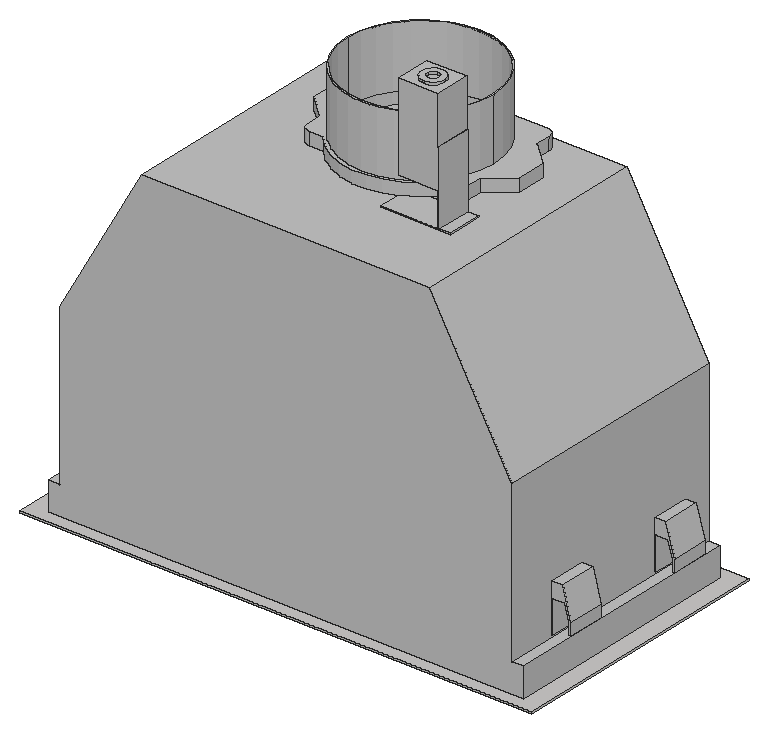
Revit family "FP_Revit_18_HP24ILTX1_Rangehood_90000954A", category Specialty Equipment, Revit 2018
Family settings
  Round Connector Dimension = Use Diameter
  Part Type = Normal
  OmniClass Number = 23.40.40.00
  OmniClass Title = Food Service Equipment and Furnishings
  Work Plane-Based = No
  Always vertical = Yes
  Cut with Voids When Loaded = Yes
  Shared = No
  Room Calculation Point = No
Parameters
  Visibility - Clearance Required = yes
  URL = "www.fisherpaykel.com"
  Product - Width = 530 mm  # constant formula
  Product - Height = 477 mm  # constant formula
  Product - Depth = 280 mm  # constant formula
  Model = "HP24ILTX1"
  Material - Trim = Fisher & Paykel - Stainless Steel
  Material - Glass = Fisher & Paykel - White Bezel
  Material - Body = Fisher & Paykel - Grey
  Manufacturer = "Fisher & Paykel Appliances"
  Keynote = ""
  FFL Offset [instance] = 1565 mm
  Description = "24\" Insert Rangehood"
  Connector Description - Extraction = "Use rigid or semi-rigid ducting 6\" (152mm) diameter, 600 CFM"
  Connector Description - Electrical = "120 V, 60Hz"
  Chassis - Width = 492 mm  # constant formula
  Chassis - Height = 347 mm  # constant formula
  Chassis - Depth = 255 mm  # constant formula
  Cavity - Width = 500 mm  # constant formula
  Cavity - Height = 500 mm  # constant formula
  Cavity - Depth = 260 mm  # constant formula
Reference planes
  plane 1 "Center (Front/Back)": y = 0
  plane 2: z = 0
  plane 3 "Center (Left/Right)": x = 0
  plane 4 "Product - LHS": x = -265
  plane 5 "Product - RHS": x = 265
  plane 6 "Product - Rear": y = 140
  plane 7 "Cavity - Rear": y = 130
  plane 8 "Chassis - LHS": x = -246
  plane 9 "Chassis - RHS": x = 246
  plane 10 "Product - Front": y = -140
  plane 11 "Cavity - Front": y = -130
  plane 12 "Cavity - RHS": x = 250
  plane 13 "Cavity - LHS": x = -250
  plane 14 "Chassis - Rear": y = 127.5
  plane 15 "Chassis - Front": y = -127.5
  plane 16 "Product - Height": z = 2040
  plane 17 "FFL Offset": z = 1565
Forms (mm)
  Extrusion 1, solid, material "Fisher & Paykel - Grey" <- "Material - Body"
    sketch origin (0, -130, -100) x (-1, 0, 0) y (0, 0, 1)
      loop
        line (-234, 1695) -> (-246, 1695) -> (-246, 1665) -> (246, 1665) -> (246, 1695) -> (234, 1695) -> (234, 1859.558) -> (149.5, 2012) -> (-149.5, 2012) -> (-234, 1859.558) -> (-234, 1695)
    from 2.5 to 257.5
  Extrusion 2, void
    sketch origin (0, 0, 0) x (0, 1, 0) y (0, 0, 1)
      loop
        line (-67, 1565) -> (125, 1565) -> (125, 1583) -> (117, 1583) -> (117, 1593) -> (-67, 1593) -> (-67, 1565)
    from -245 to 245
  Extrusion 3, solid, material "Fisher & Paykel - Stainless Steel" <- "Material - Trim"
    sketch origin (0, 0, 0) x (1, 0, 0) y (0, 1, 0)
      loop
        line (-265, -140) -> (265, -140) -> (265, 140) -> (-265, 140) -> (-265, -140)
      loop
        line (-245, -67) -> (245, -67) -> (245, 125) -> (-245, 125) -> (-245, -67)
      loop
        line (-145.5, -125) -> (145.5, -125) -> (145.5, -87) -> (-145.5, -87) -> (-145.5, -125)
      loop
        circle (-187.5, -100) r 25
      loop
        circle (187.5, -100) r 25
    from 1563 to 1565
  Extrusion 4, solid, material "Fisher & Paykel - Stainless Steel" <- "Material - Trim", detail levels fine
    sketch origin (0, 0, 0) x (1, 0, 0) y (0, 1, 0)
      loop
        line (-227, -50.05) -> (227, -50.05) -> (227, 106.95) -> (-227, 106.95) -> (-227, -50.05)
    from 1563 to 1566
  Extrusion 5, solid, material "Fisher & Paykel - Grey" <- "Material - Body", detail levels medium+fine
    sketch origin (0, 0, 1565) x (1, 0, 0) y (0, 0, 1)
      loop
        line (248.5, 67) -> (253, 51) -> (253, 39) -> (255, 39) -> (255, 51) -> (246, 83) -> (234, 83) -> (234, 33) -> (236, 33) -> (236, 67) -> (248.5, 67)
      loop
        line (-248.5, 67) -> (-236, 67) -> (-236, 33) -> (-234, 33) -> (-234, 83) -> (-246, 83) -> (-255, 51) -> (-255, 39) -> (-253, 39) -> (-253, 51) -> (-248.5, 67)
    from 38 to 77
  Extrusion 6, solid, material "Fisher & Paykel - Grey"
    sketch origin (0, 0, 0) x (1, 0, 0) y (0, 1, 0)
      loop
        circle (0.002, 47) r 76
      loop
        circle (0.002, 47) r 75
    from 1925 to 1989
  Extrusion 7, solid, material "Fisher & Paykel - Clearance Required", visible <- "Visibility - Clearance Required", detail levels coarse
    sketch origin (0, 0, 0) x (1, 0, 0) y (0, 1, 0)
      loop
        line (-250, 130) -> (-250, -130) -> (250, -130) -> (250, 130) -> (-250, 130)
    from 1565 to 2065
  Extrusion 8, solid, material "Fisher & Paykel - Clearance Required", visible <- "Visibility - Clearance Required", detail levels coarse
    sketch origin (0, 0, 0) x (1, 0, 0) y (0, 1, 0)
      loop
        circle (0.002, 47) r 80
    from 2065 to 2165
  Extrusion 9, solid, material "Fisher & Paykel - Grey" <- "Material - Body", detail levels medium+fine
    sketch origin (0, 0, 1565) x (1, 0, 0) y (0, 0, -1)
      loop
        line (248.5, -67) -> (236, -67) -> (236, -33) -> (234, -33) -> (234, -83) -> (246, -83) -> (255, -51) -> (255, -39) -> (253, -39) -> (253, -51) -> (248.5, -67)
      loop
        line (-248.5, -67) -> (-253, -51) -> (-253, -39) -> (-255, -39) -> (-255, -51) -> (-246, -83) -> (-234, -83) -> (-234, -33) -> (-236, -33) -> (-236, -67) -> (-248.5, -67)
    from 57 to 96
  Extrusion 10, void
    sketch origin (0, 0, 0) x (0, 1, 0) y (0, 0, 1)
      loop
        line (-125, 1563) -> (-87, 1563) -> (-87, 1565) -> (-112, 1584) -> (-125, 1579) -> (-125, 1563)
    from -145.5 to 145.5
  Extrusion 11, solid, material "Fisher & Paykel - Grey" <- "Material - Body", detail levels fine
    sketch origin (0, -31.853, 1523.088) x (0, -0.796162, 0.605083) y (1, 0, 0)
      loop
        line (89.266, -59) -> (89.266, -41.5) -> (79.266, -41.5) -> (79.266, -59) -> (89.266, -59)
      loop
        line (89.266, -41) -> (89.266, -23.5) -> (79.266, -23.5) -> (79.266, -41) -> (89.266, -41)
      loop
        line (89.266, -23) -> (89.266, -5.5) -> (79.266, -5.5) -> (79.266, -23) -> (89.266, -23)
      loop
        line (89.266, -5) -> (89.266, 5) -> (79.266, 5) -> (79.266, -5) -> (89.266, -5)
      loop
        line (89.266, 5.5) -> (89.266, 23) -> (79.266, 23) -> (79.266, 5.5) -> (89.266, 5.5)
      loop
        line (89.266, 23.5) -> (89.266, 41) -> (79.266, 41) -> (79.266, 23.5) -> (89.266, 23.5)
      loop
        line (89.266, 41.5) -> (89.266, 59) -> (79.266, 59) -> (79.266, 41.5) -> (89.266, 41.5)
    from -1 to 0
  Extrusion 12, solid, material "Fisher & Paykel - Grey" <- "Material - Body"
    sketch origin (0, 0, 0) x (1, 0, 0) y (0, 0, 1)
      loop
        line (94.343, 1913) -> (35.343, 1913) -> (35.343, 1912) -> (107, 1912) -> (107, 1913) -> (95.343, 1913) -> (95.343, 1989) -> (94.343, 1989) -> (94.343, 2038) -> (53.343, 2038) -> (53.343, 1948) -> (94.343, 1948) -> (94.343, 1913)
    from 11.229 to 48.229
  Extrusion 13, solid, material "Fisher & Paykel - Grey", detail levels fine
    sketch origin (0, 0, 0) x (1, 0, 0) y (0, 1, 0)
      loop
        circle (74.343, -29.729) r 12
      loop
        circle (74.343, -29.729) r 6
    from 2038 to 2040
  Extrusion 14, solid, material "Fisher & Paykel - Grey" <- "Material - Body", detail levels medium+fine
    sketch origin (0, 0, 0) x (1, 0, 0) y (0, 1, 0)
      loop
        arc (-73, 119.5) -> (-80.071, 116.571) -> (-83, 109.5) r 10
        line (-83, 109.5) -> (-83, 93.61) -> (-107, 72) -> (-107, 42) -> (-83, 20.39) -> (-83, 4.5)
        arc (-83, 4.5) -> (-80.071, -2.571) -> (-73, -5.5) r 10
        line (-73, -5.5) -> (-59.699, -5.5)
        arc (-59.699, -5.5) -> (0, -32.5) -> (59.699, -5.5) r 79.5
        line (59.699, -5.5) -> (73, -5.5)
        arc (73, -5.5) -> (80.071, -2.571) -> (83, 4.5) r 10
        line (83, 4.5) -> (83, 20.39) -> (107, 42) -> (107, 72) -> (83, 93.61) -> (83, 109.5)
        arc (83, 109.5) -> (80.071, 116.571) -> (73, 119.5) r 10
        line (73, 119.5) -> (32.619, 119.5)
        arc (32.619, 119.5) -> (0, 126.5) -> (-32.619, 119.5) r 79.5
        line (-32.619, 119.5) -> (-73, 119.5)
      loop
        circle (0, 47) r 76
    from 1912 to 1925
  Extrusion 15, solid, material "Fisher & Paykel - White Bezel" <- "Material - Glass", detail levels fine
    sketch origin (0, 0, 0) x (1, 0, 0) y (0, 1, 0)
      loop
        circle (-187.5, -100) r 22
      loop
        circle (187.5, -100) r 22
    from 1563 to 1566
  Extrusion 16, void
    sketch origin (0, 0, 0) x (1, 0, 0) y (0, 1, 0)
      loop
        line (-250, 130) -> (-250, -130) -> (250, -130) -> (250, 130) -> (-250, 130)
    from 1565 to 2065
  Extrusion 17, void
    sketch origin (0, 0, 0) x (1, 0, 0) y (0, 1, 0)
      loop
        circle (0.002, 47) r 80
    from 2065 to 2115
  Extrusion 18, solid, material "Fisher & Paykel - Grey" <- "Material - Body", not visible, detail levels medium+fine
    sketch origin (0, 0, 0) x (1, 0, 0) y (0, 0, 1)
      loop
        line (248.5, 67) -> (253, 51) -> (253, 39) -> (255, 39) -> (255, 51) -> (246, 83) -> (234, 83) -> (234, 33) -> (236, 33) -> (236, 67) -> (248.5, 67)
      loop
        line (-248.5, 67) -> (-236, 67) -> (-236, 33) -> (-234, 33) -> (-234, 83) -> (-246, 83) -> (-255, 51) -> (-255, 39) -> (-253, 39) -> (-253, 51) -> (-248.5, 67)
    from 38 to 77
  Extrusion 19, solid, material "Fisher & Paykel - Grey" <- "Material - Body", not visible, detail levels medium+fine
    sketch origin (0, 0, 0) x (1, 0, 0) y (0, 0, -1)
      loop
        line (248.5, -67) -> (236, -67) -> (236, -33) -> (234, -33) -> (234, -83) -> (246, -83) -> (255, -51) -> (255, -39) -> (253, -39) -> (253, -51) -> (248.5, -67)
      loop
        line (-248.5, -67) -> (-253, -51) -> (-253, -39) -> (-255, -39) -> (-255, -51) -> (-246, -83) -> (-234, -83) -> (-234, -33) -> (-236, -33) -> (-236, -67) -> (-248.5, -67)
    from 57 to 96
  Extrusion 20, solid, material "Fisher & Paykel - Grey" <- "Material - Body", not visible, detail levels fine
    sketch origin (0, -31.853, -41.912) x (0, -0.796162, 0.605083) y (1, 0, 0)
      loop
        line (89.266, -59) -> (89.266, -41.5) -> (79.266, -41.5) -> (79.266, -59) -> (89.266, -59)
      loop
        line (89.266, -41) -> (89.266, -23.5) -> (79.266, -23.5) -> (79.266, -41) -> (89.266, -41)
      loop
        line (89.266, -23) -> (89.266, -5.5) -> (79.266, -5.5) -> (79.266, -23) -> (89.266, -23)
      loop
        line (89.266, -5) -> (89.266, 5) -> (79.266, 5) -> (79.266, -5) -> (89.266, -5)
      loop
        line (89.266, 5.5) -> (89.266, 23) -> (79.266, 23) -> (79.266, 5.5) -> (89.266, 5.5)
      loop
        line (89.266, 23.5) -> (89.266, 41) -> (79.266, 41) -> (79.266, 23.5) -> (89.266, 23.5)
      loop
        line (89.266, 41.5) -> (89.266, 59) -> (79.266, 59) -> (79.266, 41.5) -> (89.266, 41.5)
    from -1 to 0
Cuts and joins
  Extrusion 2, Extrusion 10 cuts Extrusion 1
  Extrusion 10 cuts Extrusion 3
Text (mm)
  text "Due to ongoing product development, product details are subject to change without notice. \nPlease always refer to www.fisherpaykel.com for the most current product information. \n© Fisher & Paykel 2020" at (41.04, -1044.323, 0), in view "Ref. Level (Plan)"
Dimensions and locks
  equal spacing: plane 4 "Product - LHS", plane 3 "Center (Left/Right)", plane 5 "Product - RHS"
  equal spacing: plane 8 "Chassis - LHS", plane 3 "Center (Left/Right)", plane 9 "Chassis - RHS"
  "Chassis - Width": plane 8 "Chassis - LHS" to plane 9 "Chassis - RHS"
  equal spacing: plane 11 "Cavity - Front", plane 1 "Center (Front/Back)", plane 7 "Cavity - Rear"
  equal spacing: plane 6 "Product - Rear", plane 1 "Center (Front/Back)", plane 10 "Product - Front"
  "Cavity - Depth": plane 11 "Cavity - Front" to plane 7 "Cavity - Rear"
  "Product - Depth": plane 6 "Product - Rear" to plane 10 "Product - Front"
  "Product - Width": plane 4 "Product - LHS" to plane 5 "Product - RHS"
  equal spacing: plane 13 "Cavity - LHS", plane 3 "Center (Left/Right)", plane 12 "Cavity - RHS"
  plane 13 "Cavity - LHS" to plane 12 "Cavity - RHS" = 500 mm
  "Cavity - Width": plane 13 "Cavity - LHS" to plane 12 "Cavity - RHS"
  Extrusion 8 to Extrusion 7 = 100 mm
  equal spacing: plane 15 "Chassis - Front", plane 1 "Center (Front/Back)", plane 14 "Chassis - Rear"
  "Chassis - Depth": plane 15 "Chassis - Front" to plane 14 "Chassis - Rear"
  "FFL Offset": plane 17 "FFL Offset" to level
  plane 3 "Center (Left/Right)" to Extrusion 1 = 234 mm
  locked: Extrusion 10 sketch curve to plane 17 "FFL Offset" at 19
  locked: Extrusion 10 sketch curve to plane 17 "FFL Offset" at 14
  locked: Extrusion 2 sketch curve to plane 17 "FFL Offset" at 18
  locked: cut or joined group of Extrusion 1, Extrusion 2, Extrusion 10 to plane 17 "FFL Offset" at 28
  locked: plane 17 "FFL Offset" to cut or joined group of Extrusion 3, Extrusion 10 at 2
  locked: Extrusion 4 to plane 17 "FFL Offset" at 1
  locked: Extrusion 14 to plane 17 "FFL Offset" at 360  (x2)
  locked: Extrusion 8 to plane 17 "FFL Offset" at 600
  locked: Extrusion 12 sketch curve to plane 17 "FFL Offset" at 473
  locked: Extrusion 12 sketch curve to plane 17 "FFL Offset" at 383
  locked: Extrusion 12 sketch curve to plane 17 "FFL Offset" at 348
  locked: Extrusion 6 to plane 17 "FFL Offset" at 424
  "Chassis - Height": cut or joined group of Extrusion 1, Extrusion 2, Extrusion 10 to plane 17 "FFL Offset"
  "Cavity - Height": Extrusion 16 to plane 17 "FFL Offset"
  locked: cut or joined group of Extrusion 1, Extrusion 2, Extrusion 10 to plane 17 "FFL Offset" at 30
  locked: plane 17 "FFL Offset" to Extrusion 1 sketch curve at 194.558  (x2)
  locked: Extrusion 5 to plane 17 "FFL Offset" at 83
  locked: plane 17 "FFL Offset" to plane 16 "Product - Height" at 475
  locked: Extrusion 12 to plane 16 "Product - Height" at 2
  cut or joined group of Extrusion 3, Extrusion 10 to plane 16 "Product - Height" = 477 mm
  locked: Extrusion 17 to plane 17 "FFL Offset" at 550
  aligned and locked: level to plane 2
  aligned and locked: plane 7 "Cavity - Rear" to Extrusion 7 sketch curve
  aligned and locked: Extrusion 7 sketch curve to plane 13 "Cavity - LHS"
  aligned and locked: plane 11 "Cavity - Front" to Extrusion 7 sketch curve
  aligned and locked: Extrusion 7 sketch curve to plane 12 "Cavity - RHS"
  aligned and locked: Extrusion 8 to Extrusion 7
  aligned and locked: Extrusion 1 to plane 15 "Chassis - Front"
  aligned and locked: Extrusion 1 to plane 14 "Chassis - Rear"
  aligned and locked: Extrusion 17 to Extrusion 16
  aligned and locked: Extrusion 1 to plane 17 "FFL Offset"
  aligned and locked: Extrusion 1 to Extrusion 2
  aligned and locked: Extrusion 10 sketch curve to cut or joined group of Extrusion 3, Extrusion 10
  aligned and locked: cut or joined group of Extrusion 3, Extrusion 10 to Extrusion 4
  aligned and locked: Extrusion 6 to Extrusion 14
  aligned and locked: Extrusion 14 to cut or joined group of Extrusion 1, Extrusion 2, Extrusion 10
  aligned and locked: Extrusion 8 to Extrusion 16
  aligned and locked: Extrusion 7 to cut or joined group of Extrusion 1, Extrusion 2, Extrusion 10
  aligned and locked: Extrusion 16 to cut or joined group of Extrusion 1, Extrusion 2, Extrusion 10
  aligned and locked: Extrusion 4 to Extrusion 15
  aligned and locked: Extrusion 15 to Extrusion 4
  aligned and locked: Extrusion 12 sketch curve to cut or joined group of Extrusion 1, Extrusion 2, Extrusion 10
  aligned and locked: Extrusion 12 sketch curve to Extrusion 12 sketch curve
  aligned and locked: Extrusion 13 to Extrusion 12
  aligned and locked: Extrusion 3 to cut or joined group of Extrusion 1, Extrusion 2, Extrusion 10
  aligned and locked: Extrusion 1 sketch curve to Extrusion 1 sketch curve
  aligned and locked: Extrusion 13 to plane 16 "Product - Height"
Automatic sketch dimensions
  Extrusion 3 sketch curve to plane 4 "Product - LHS" = 0 mm
  Extrusion 3 sketch curve to plane 5 "Product - RHS" = 0 mm
  Extrusion 3 sketch curve to plane 8 "Chassis - LHS" = 1 mm
  plane 15 "Chassis - Front" to Extrusion 3 sketch curve = 27.5 mm  (x2)
  Extrusion 3 sketch curve to plane 8 "Chassis - LHS" = 58.5 mm
  Extrusion 3 sketch curve to Extrusion 3 sketch curve = 42 mm  (x2)
  plane 15 "Chassis - Front" to Extrusion 3 sketch curve = 2.5 mm
  Extrusion 3 sketch curve to plane 9 "Chassis - RHS" = 100.5 mm
  Extrusion 3 sketch curve to plane 9 "Chassis - RHS" = 1 mm
  Extrusion 3 sketch curve to plane 10 "Product - Front" = 0 mm
  Extrusion 3 sketch curve to Extrusion 3 sketch curve = 38 mm
  plane 15 "Chassis - Front" to Extrusion 3 sketch curve = 60.5 mm
  plane 14 "Chassis - Rear" to Extrusion 3 sketch curve = 2.5 mm
  plane 6 "Product - Rear" to Extrusion 3 sketch curve = 0 mm
  Extrusion 4 sketch curve to plane 8 "Chassis - LHS" = 19 mm
  Extrusion 4 sketch curve to plane 9 "Chassis - RHS" = 19 mm
  plane 1 "Center (Front/Back)" to Extrusion 4 sketch curve = 50.05 mm
  plane 14 "Chassis - Rear" to Extrusion 4 sketch curve = 20.55 mm
  Extrusion 5 sketch curve to Extrusion 5 sketch curve = 2 mm  (x4)
  Extrusion 5 sketch curve to Extrusion 5 sketch curve = 6 mm  (x2)
  Extrusion 5 sketch curve to Extrusion 5 sketch curve = 12 mm  (x3)
  Extrusion 5 sketch curve to Extrusion 5 sketch curve = 0 mm  (x3)
  Extrusion 5 sketch curve to Extrusion 5 sketch curve = 16 mm  (x4)
  Extrusion 6 sketch curve to Extrusion 6 sketch curve = 0 mm  (x2)
  plane 3 "Center (Left/Right)" to Extrusion 6 sketch curve = 0.002 mm
  Extrusion 6 sketch curve to plane 1 "Center (Front/Back)" = 47 mm
  plane 3 "Center (Left/Right)" to Extrusion 8 sketch curve = 0.002 mm
  Extrusion 8 sketch curve to plane 1 "Center (Front/Back)" = 47 mm
  Extrusion 9 sketch curve to Extrusion 9 sketch curve = 2 mm  (x4)
  Extrusion 9 sketch curve to Extrusion 9 sketch curve = 16 mm  (x4)
  Extrusion 9 sketch curve to Extrusion 9 sketch curve = 0 mm  (x3)
  Extrusion 9 sketch curve to Extrusion 9 sketch curve = 12 mm  (x3)
  Extrusion 9 sketch curve to Extrusion 9 sketch curve = 6 mm  (x2)
  Extrusion 11 sketch curve to Extrusion 11 sketch curve = 0 mm  (x12)
  Extrusion 11 sketch curve to Extrusion 11 sketch curve = 10 mm  (x2)
  Extrusion 11 sketch curve to Extrusion 11 sketch curve = 0.5 mm  (x6)
  Extrusion 11 sketch curve to Extrusion 11 sketch curve = 17.5 mm  (x6)
  Extrusion 13 sketch curve to Extrusion 13 sketch curve = 0 mm  (x2)
  plane 1 "Center (Front/Back)" to Extrusion 13 sketch curve = 29.729 mm
  plane 3 "Center (Left/Right)" to Extrusion 13 sketch curve = 74.343 mm
  Extrusion 14 sketch curve to Extrusion 14 sketch curve = 0 mm  (x2)
  Extrusion 14 sketch curve to plane 3 "Center (Left/Right)" = 0 mm  (x2)
  plane 14 "Chassis - Rear" to Extrusion 14 sketch curve = 8 mm  (x2)
  Extrusion 14 sketch curve to plane 3 "Center (Left/Right)" = 32.619 mm
  plane 1 "Center (Front/Back)" to Extrusion 14 sketch curve = 5.5 mm  (x2)
  Extrusion 14 sketch curve to plane 3 "Center (Left/Right)" = 59.699 mm
  Extrusion 14 sketch curve to Extrusion 14 sketch curve = 40.381 mm  (x2)
  Extrusion 14 sketch curve to plane 1 "Center (Front/Back)" = 4.5 mm  (x2)
  Extrusion 14 sketch curve to Extrusion 14 sketch curve = 13.301 mm  (x2)
  Extrusion 14 sketch curve to Extrusion 14 sketch curve = 10 mm  (x2)
  Extrusion 14 sketch curve to Extrusion 14 sketch curve = 24 mm  (x2)
  plane 14 "Chassis - Rear" to Extrusion 14 sketch curve = 33.89 mm
  Extrusion 14 sketch curve to Extrusion 14 sketch curve = 15.89 mm  (x3)
  Extrusion 14 sketch curve to Extrusion 14 sketch curve = 21.61 mm  (x2)
  Extrusion 14 sketch curve to plane 1 "Center (Front/Back)" = 47 mm
  Extrusion 14 sketch curve to Extrusion 14 sketch curve = 0.001 mm
  Extrusion 14 sketch curve to Extrusion 14 sketch curve = 30 mm  (x2)
  plane 15 "Chassis - Front" to Extrusion 15 sketch curve = 27.5 mm  (x2)
  Extrusion 15 sketch curve to plane 8 "Chassis - LHS" = 58.5 mm
  Extrusion 15 sketch curve to plane 9 "Chassis - RHS" = 58.5 mm
  Extrusion 16 sketch curve to plane 11 "Cavity - Front" = 0 mm
  Extrusion 16 sketch curve to plane 13 "Cavity - LHS" = 0 mm
  Extrusion 16 sketch curve to plane 12 "Cavity - RHS" = 0 mm
  plane 7 "Cavity - Rear" to Extrusion 16 sketch curve = 0 mm
  plane 3 "Center (Left/Right)" to Extrusion 17 sketch curve = 0.002 mm
  Extrusion 17 sketch curve to plane 1 "Center (Front/Back)" = 47 mm
  plane 15 "Chassis - Front" to Extrusion 2 sketch curve = 60.5 mm
  plane 14 "Chassis - Rear" to Extrusion 2 sketch curve = 10.5 mm
  plane 14 "Chassis - Rear" to Extrusion 2 sketch curve = 2.5 mm
  plane 17 "FFL Offset" to Extrusion 2 sketch curve = 28 mm
  Extrusion 2 sketch curve to plane 17 "FFL Offset" = 0 mm
  Extrusion 10 sketch curve to plane 17 "FFL Offset" = 0 mm
  plane 15 "Chassis - Front" to Extrusion 10 sketch curve = 2.5 mm
  Extrusion 10 sketch curve to Extrusion 10 sketch curve = 13 mm
  Extrusion 10 sketch curve to Extrusion 10 sketch curve = 25 mm
  plane 3 "Center (Left/Right)" to Extrusion 12 sketch curve = 35.343 mm
  plane 3 "Center (Left/Right)" to Extrusion 12 sketch curve = 53.343 mm
  Extrusion 12 sketch curve to Extrusion 12 sketch curve = 41 mm  (x2)
  Extrusion 12 sketch curve to Extrusion 12 sketch curve = 0 mm
  Extrusion 12 sketch curve to Extrusion 12 sketch curve = 1 mm
  Extrusion 12 sketch curve to Extrusion 12 sketch curve = 11.657 mm
  Extrusion 1 sketch curve to plane 17 "FFL Offset" = 0 mm
  Extrusion 1 sketch curve to plane 9 "Chassis - RHS" = 0 mm
  Extrusion 1 sketch curve to Extrusion 1 sketch curve = 12 mm
  Extrusion 1 sketch curve to plane 9 "Chassis - RHS" = 96.5 mm
  Extrusion 1 sketch curve to plane 8 "Chassis - LHS" = 96.5 mm
  Extrusion 1 sketch curve to plane 8 "Chassis - LHS" = 12 mm
  Extrusion 1 sketch curve to plane 8 "Chassis - LHS" = 0 mm
  plane 17 "FFL Offset" to Extrusion 1 sketch curve = 30 mm
  Extrusion 1 sketch curve to Extrusion 1 sketch curve = 152.442 mm
  Extrusion 5 sketch curve to Extrusion 5 sketch curve = 4.5 mm
  Extrusion 5 sketch curve to Extrusion 5 sketch curve = 2.5 mm
  Extrusion 5 sketch curve to Extrusion 5 sketch curve = 17 mm  (x2)
  Extrusion 5 sketch curve to Extrusion 5 sketch curve = 468 mm
  Extrusion 5 sketch curve to Extrusion 5 sketch curve = 12.5 mm
  Extrusion 9 sketch curve to Extrusion 9 sketch curve = 4.5 mm
  Extrusion 9 sketch curve to Extrusion 9 sketch curve = 2.5 mm
  Extrusion 9 sketch curve to Extrusion 9 sketch curve = 17 mm  (x2)
  Extrusion 9 sketch curve to Extrusion 9 sketch curve = 468 mm
  Extrusion 9 sketch curve to Extrusion 9 sketch curve = 12.5 mm
  Extrusion 18 sketch curve to Extrusion 18 sketch curve = 2 mm  (x4)
  Extrusion 18 sketch curve to Extrusion 18 sketch curve = 6 mm  (x2)
  Extrusion 18 sketch curve to Extrusion 18 sketch curve = 12 mm  (x3)
  Extrusion 18 sketch curve to Extrusion 18 sketch curve = 0 mm  (x3)
  Extrusion 18 sketch curve to Extrusion 18 sketch curve = 16 mm  (x4)
  Extrusion 19 sketch curve to Extrusion 19 sketch curve = 2 mm  (x4)
  Extrusion 19 sketch curve to Extrusion 19 sketch curve = 16 mm  (x4)
  Extrusion 19 sketch curve to Extrusion 19 sketch curve = 0 mm  (x3)
  Extrusion 19 sketch curve to Extrusion 19 sketch curve = 12 mm  (x3)
  Extrusion 19 sketch curve to Extrusion 19 sketch curve = 6 mm  (x2)
  Extrusion 20 sketch curve to Extrusion 20 sketch curve = 0 mm  (x12)
  Extrusion 20 sketch curve to Extrusion 20 sketch curve = 10 mm  (x2)
  Extrusion 20 sketch curve to Extrusion 20 sketch curve = 0.5 mm  (x6)
  Extrusion 20 sketch curve to Extrusion 20 sketch curve = 17.5 mm  (x6)
  Extrusion 18 sketch curve to Extrusion 18 sketch curve = 4.5 mm
  Extrusion 18 sketch curve to Extrusion 18 sketch curve = 2.5 mm
  Extrusion 18 sketch curve to Extrusion 18 sketch curve = 17 mm  (x2)
  Extrusion 18 sketch curve to Extrusion 18 sketch curve = 468 mm
  Extrusion 18 sketch curve to Extrusion 18 sketch curve = 12.5 mm
  Extrusion 19 sketch curve to Extrusion 19 sketch curve = 4.5 mm
  Extrusion 19 sketch curve to Extrusion 19 sketch curve = 2.5 mm
  Extrusion 19 sketch curve to Extrusion 19 sketch curve = 17 mm  (x2)
  Extrusion 19 sketch curve to Extrusion 19 sketch curve = 468 mm
  Extrusion 19 sketch curve to Extrusion 19 sketch curve = 12.5 mm
  radius of Extrusion 3 sketch curve = 25 mm  (x2)
  radius of Extrusion 6 sketch curve = 76 mm
  radius of Extrusion 6 sketch curve = 75 mm
  radius of Extrusion 8 sketch curve = 80 mm
  radius of Extrusion 13 sketch curve = 12 mm
  radius of Extrusion 13 sketch curve = 6 mm
  radius of Extrusion 14 sketch curve = 76 mm
  radius of Extrusion 15 sketch curve = 22 mm  (x2)
  radius of Extrusion 17 sketch curve = 80 mm
Connectors
  hvac at (0.002, 47, 1989), driven by "Connector Description - Extraction"
    settings: on Extrusion 6, index 2, duct flow 0.0 L/s, flow factor 0, pres drop 0.0 Pa, loss coef 0, conn angle 0.00°, conn width 304.8 mm, conn height 304.8 mm, conn diameter 150 mm, duct sys type 4, conn prof type 0, flow config 0, flow direction 2, loss method 0, conn ref index -1, conn util no, is conn primary yes, conn desc "Use rigid or semi-rigid ducting 6\" (152mm) diameter, 600 CFM"
  electrical at (74.343, -29.729, 2040), driven by "Connector Description - Electrical"
    settings: on Extrusion 13, index 3, voltage 120 V, apparent load 0 VA, apparent load phase1 0 VA, apparent load phase2 0 VA, apparent load phase3 0 VA, power factor 1, load classification "Other", number of poles 1, system type 30, power factor state 1, is connector primary yes, connector utility no, sub classification motor no, connector description "120 V, 60Hz"
